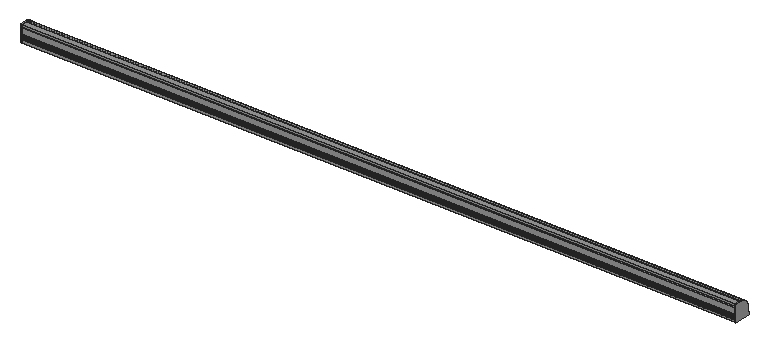
Revit family "3036975+3036945 Sylvania Lighting Fixture LUMISTRIP HO IP65 5M NW with L PROFILE ALU OPAL 1M", category Lighting Fixtures, host Face, Revit 2017
Family settings
  Host = Face
  Round Connector Dimension = Use Diameter
  Part Type = Normal
  OmniClass Number = 23.80.70.00
  OmniClass Title = Lighting
  Cut with Voids When Loaded = No
  Light Source = Yes
  Shared = No
  Room Calculation Point = No
Parameters (values of type "3036975+3036945 LUMISTRIP HO IP65 5M NW with L PROFILE ALU OPAL 1M")
  Weight = ""
  Wattage Comments = ""
  Wattage = 0 W
  WarrantyStartDate [instance] = "n/a"
  WarrantyGuarantorParts = "n/a"
  WarrantyDurationUnit = "n/a"
  WarrantyDurationParts = "n/a"
  WarrantyDescription = "n/a"
  built-in parameter 1150110 = 1 (stored number, unit not read)
  Voltage = 24 V
  URL = "http://www.sylvania-lighting.com"
  TypeName = "LUMISTRIP HO IP65 5M NW with L PROFILE ALU OPAL 1M"
  Type Image = <None>
  Type Comments = "n/a"
  built-in parameter 1114217 = 1 (stored number, unit not read)
  Tilt Angle = -90.00°
  built-in parameter 1150109 = 1 (stored number, unit not read)
  built-in parameter 1150134 = 12
  built-in parameter 1150113 = 1 (stored number, unit not read)
  SerialNumber [instance] = "n/a"
  RadiusDiffuserOut_SYL = 12.999 mm
  RadiusDiffuserIn_SYL = 11.999 mm
  Photometric Web File = "3036975.ies"
  Material_3_FEILO = none
  PowerFactor = 0
  PowerConsumption = ""
  NominalLength = 5000 mm
  NominalHeight = 4 mm
  NominalDepth = 14 mm
  Name = "LUMISTRIP HO IP65 5M NW with L PROFILE ALU OPAL 1M"
  ModelReference = Name  # "LUMISTRIP HO IP65 5M NW with L PROFILE ALU OPAL 1M"
  ModelNumber = "3036975+3036945"
  Model = Name  # "LUMISTRIP HO IP65 5M NW with L PROFILE ALU OPAL 1M"
  Material = "silicon housing, silicon diffuser"
  ManufacturerName = "Feilo Sylvania"
  Manufacturer = "Feilo Sylvania"
  LuminousEfficacy = "85.60 lm/W"
  built-in parameter 1150105 = (empty or 0)
  Lumens = 0 lm
  LuminaireType = ""
  built-in parameter 1150115 = 1 (stored number, unit not read)
  LightOutputRatio = "100"
  built-in parameter 1150137 = (empty or 0)
  built-in parameter 1150139 = (empty or 0)
  Length_SYL = 1000 mm
  LampsType = Lamp  # "LED"
  LampNominalLuminous = ""
  LampMacAdamStep = "n/a"
  LampColourTemperature = "4000 K"
  LampColourRenderingIndex = "80"
  built-in parameter 1150112 = 1 (stored number, unit not read)
  built-in parameter 1150114 = 1 (stored number, unit not read)
  Lamp = "LED"
  Keynote = "16500"
  InstallationDate [instance] = "n/a"
  InputVoltage = "24V DC"
  InputNominalFrequency = "n/a"
  built-in parameter 1150132 = (empty or 0)
  built-in parameter 1150102 = (empty or 0)
  built-in parameter 1150107 = 4000 (stored number, unit not read)
  built-in parameter 1150138 = (empty or 0)
  IngressProtection = "IP65"
  ImpactProtectionIndex = "n/a"
  built-in parameter 1150106 = (empty or 0)
  IfcExportType = "IfcLightFixtureType"
  IfcExportAs = "IfcLightFixtureType"
  ExpectedLife = 50000
  EndCapRight_SYL [instance] = yes
  EndCapLeft_SYL [instance] = yes
  built-in parameter 1150127 = 10 mm
  Emit from Rectangle Length = Length_SYL - 4 mm  # 996 mm
  Emit Shape Visible in Rendering = no
  ElectricShockClassification = "Class III"
  built-in parameter 1150104 = 7.9534 (stored number, unit not read)
  DurationUnit = "hours"
  DocumentationLiterature = "http://www.sylvania-lighting.com/product/en-int/products/3036975"
  DimmingControlOptions = "n/a"
  Material_2_FEILO = Diffuser-Sylvania-LumistipLprofile-Polycarbonate
  Dimming Lamp Color Temperature Shift = <None>
  Description = ""
  Default Elevation = 1219.2 mm
  CreatedOn = "6/22/2018"
  CreatedBy = ""
  Cost = 0
  Color Filter = 16777215
  built-in parameter 1114216 [instance] = (empty or 0)
  ClassificationValue = "EF_70_80"
  ClassificationName = "Uniclass2015"
  Material_1_FEILO = Body-Sylvania-LumistripLprofile-Aluminum
  BarCode [instance] = "n/a"
  built-in parameter 1114218 = 1 (stored number, unit not read)
  Emit from Rectangle Width = 3048 mm
  AssetType = "Fixed"
  AssetIdentifier [instance] = "n/a"
  Assembly Code = "D5020200"
  Apparent Load = 82 VA
  Material_4_FEILO = none
Reference planes
  plane 1 "Center (Front/Back)": y = 0
  plane 2: z = 0
  plane 3 "Center (Left/Right)": x = 0
  plane 4: y = 22.4
  plane 5: z = 22.4
  plane 6: z = 20.4
  plane 7: z = 17.9
  plane 8: z = 10.9
  plane 9: z = 9.4
  plane 10: z = 7.9
  plane 11: z = 6.4
  plane 12: z = 4.9
  plane 13: z = 3.4
  plane 14: y = 2
  plane 15: z = 2
  plane 16: y = 7.9
  plane 17: y = 4.8
  plane 18: y = 3.3
  plane 19: y = 6.3
  plane 20: y = 9.4
  plane 21: y = 10.9
  plane 22: y = 20.4
  plane 23: y = 17.9
  plane 24: x = 500
  plane 25: x = -500
  plane 26: x = -498.5
  plane 27: x = 498.5
Forms (mm)
  Extrusion 1, solid, material "Body-Sylvania-LumistripLprofile-Aluminum" <- "Material_1_FEILO"
    sketch origin (0, 0, 0) x (0, 1, 0) y (0, 0, 1)
      loop
        line (0, 22.399) -> (0, 20.4) -> (4.8, 20.4) -> (4.8, 17.9) -> (0, 17.9) -> (0, 10.9) -> (2, 10.9) -> (2, 9.4) -> (0, 9.4) -> (0, 7.9) -> (2, 7.9) -> (2, 6.4) -> (0, 6.4) -> (0, 4.9) -> (2, 4.9) -> (2, 3.4) -> (0, 3.4) -> (0, 0) -> (3.3, 0) -> (3.3, 2) -> (4.8, 2) -> (4.8, 0) -> (6.3, 0) -> (6.3, 2) -> (7.9, 2) -> (7.9, 0) -> (9.4, 0) -> (9.4, 2) -> (10.9, 2) -> (10.9, 0) -> (17.9, 0) -> (17.9, 4.9) -> (20.4, 4.9) -> (20.4, 0) -> (22.399, 0) -> (22.399, 9.4) -> (19.77, 9.4) -> (12.92, 2.55) -> (2.567, 12.903) -> (9.4, 19.736) -> (9.4, 22.399) -> (0, 22.399)
    from -498.5 to 498.5
  Extrusion 2, solid, material "Diffuser-Sylvania-LumistipLprofile-Polycarbonate" <- "Material_2_FEILO"
    sketch origin (0, 0, 0) x (0, 1, 0) y (0, 0, 1)
      loop
        line (9.4, 22.399) -> (9.4, 21.399)
        arc (9.4, 21.399) -> (17.884, 17.884) -> (21.399, 9.4) r 11.999
        line (21.399, 9.4) -> (22.399, 9.4)
        arc (22.399, 9.4) -> (18.591, 18.591) -> (9.4, 22.399) r 12.999
    from -498.5 to 498.5
  Extrusion 3, solid, material "Body-Sylvania-LumistripLprofile-Aluminum" <- "Material_1_FEILO", visible <- "EndCapLeft_SYL"
    sketch origin (200, -4572, 2609.058) x (0, 0, 1) y (0, -1, 0)
      loop
        line (-2609.058, -4572) -> (-2609.058, -4594.4) -> (-2599.658, -4594.399)
        arc (-2599.658, -4594.399) -> (-2590.467, -4590.591) -> (-2586.658, -4581.4) r 12.999
        line (-2586.658, -4581.4) -> (-2586.658, -4572) -> (-2609.058, -4572)
    from 300 to 298.5
  Extrusion 4, solid, material "Body-Sylvania-LumistripLprofile-Aluminum" <- "Material_1_FEILO", visible <- "EndCapRight_SYL"
    sketch origin (-500, -4572, 2609.058) x (0, 0, 1) y (0, -1, 0)
      loop
        line (-2586.659, -4581.402) -> (-2586.658, -4572) -> (-2609.058, -4572) -> (-2609.058, -4594.399) -> (-2599.658, -4594.399)
        arc (-2599.658, -4594.399) -> (-2590.467, -4590.592) -> (-2586.659, -4581.402) r 12.999
    from 0 to 1.5
Lines and regions (mm)
  reference lines
    curve 1: line (0, 0, 0) -> (0, 22.4, 22.4)
    curve 2: line (0, 0, 15.469) -> (0, 15.469, 0)
    curve 3: line (0, 12.92, 2.55) -> (0, 22.4, 12.03)
    curve 4: line (0, 2.567, 12.903) -> (0, 12.064, 22.4)
    curve 5: arc (0, 9.4, 22.399) -> (0, 18.591, 18.591) -> (0, 22.399, 9.4) r 12.999
    curve 6: arc (0, 21.399, 9.4) -> (0, 17.884, 17.884) -> (0, 9.4, 21.399) r 11.999
    curve 7: line (500, 13.907, 23.341) -> (500, 24.285, 12.963)
Dimensions and locks
  locked: plane 5 to plane 2 at 22.4
  locked: plane 1 "Center (Front/Back)" to plane 4 at 22.4
  locked: plane 6 to plane 5 at 2
  locked: plane 7 to plane 6 at 2.5
  locked: plane 8 to plane 7 at 7
  locked: plane 22 to plane 4 at 2
  locked: plane 23 to plane 22 at 2.5
  locked: plane 21 to plane 23 at 7
  locked: plane 9 to plane 8 at 1.5
  locked: plane 20 to plane 21 at 1.5
  locked: plane 10 to plane 9 at 1.5
  locked: plane 11 to plane 10 at 1.5
  locked: plane 12 to plane 11 at 1.5
  locked: plane 13 to plane 12 at 1.5
  locked: plane 16 to plane 20 at 1.5
  plane 19 to plane 16 = 1.6 mm
  locked: plane 17 to plane 19 at 1.5
  locked: plane 18 to plane 17 at 1.5
  locked: plane 1 "Center (Front/Back)" to plane 14 at 2
  locked: plane 15 to plane 2 at 2
  equal spacing: plane 24, plane 3 "Center (Left/Right)", plane 25
  "Length_SYL": plane 24 to plane 25
  equal spacing: plane 27, plane 3 "Center (Left/Right)", plane 26
  locked: plane 26 to plane 25 at 1.5
  locked: curve 7 to Extrusion 1 at 15.4
  "RadiusDiffuserIn_SYL": radius of curve 6
  "RadiusDiffuserOut_SYL": radius of curve 5
  locked: curve 1 to curve 2 (angle 90.00°)
  locked: curve 4 to curve 2 (angle 90.00°)
  locked: curve 2 to curve 3 (angle 90.00°)
  locked: curve 7 to curve 1 (angle 90.00°)
  aligned and locked: plane 2 to host face
  aligned and locked: level to host face
  aligned and locked: plane 6 to Extrusion 1 sketch curve
  aligned and locked: plane 7 to Extrusion 1 sketch curve
  aligned and locked: plane 17 to Extrusion 1 sketch curve  (x2)
  aligned and locked: plane 1 "Center (Front/Back)" to Extrusion 1 sketch curve  (x4)
  aligned and locked: plane 14 to Extrusion 1 sketch curve  (x3)
  aligned and locked: plane 8 to Extrusion 1 sketch curve
  aligned and locked: plane 9 to Extrusion 1 sketch curve
  aligned and locked: plane 10 to Extrusion 1 sketch curve
  aligned and locked: Extrusion 1 sketch curve to plane 11
  aligned and locked: plane 12 to Extrusion 1 sketch curve  (x2)
  aligned and locked: Extrusion 1 sketch curve to plane 13
  aligned and locked: Extrusion 1 sketch curve to host face
  aligned and locked: Extrusion 1 sketch curve to plane 18
  aligned and locked: Extrusion 1 sketch curve to plane 19
  aligned and locked: plane 15 to Extrusion 1 sketch curve  (x3)
  aligned and locked: plane 16 to Extrusion 1 sketch curve
  aligned and locked: Extrusion 1 sketch curve to level  (x2)
  aligned and locked: Extrusion 1 sketch curve to plane 20  (x2)
  aligned and locked: plane 21 to Extrusion 1 sketch curve
  aligned and locked: Extrusion 1 sketch curve to plane 23
  aligned and locked: plane 22 to Extrusion 1 sketch curve
  aligned and locked: plane 4 to curve 1
  aligned and locked: plane 5 to curve 1
  aligned and locked: plane 1 "Center (Front/Back)" to Extrusion 1
  aligned and locked: plane 2 to curve 1
  aligned and locked: plane 1 "Center (Front/Back)" to curve 2
  aligned and locked: plane 2 to curve 2
  aligned and locked: plane 5 to curve 4
  aligned and locked: plane 4 to curve 3
  aligned and locked: plane 20 to Extrusion 1 sketch curve
  aligned and locked: Extrusion 1 sketch curve to plane 9
  aligned and locked: Extrusion 1 sketch curve to curve 3
  aligned and locked: Extrusion 1 sketch curve to curve 2
  aligned and locked: Extrusion 1 sketch curve to curve 4
  aligned and locked: curve 5 to Extrusion 1
  aligned and locked: Extrusion 1 to curve 5
  aligned and locked: plane 20 to curve 5
  aligned and locked: plane 9 to curve 5
  aligned and locked: plane 20 to curve 6
  aligned and locked: plane 9 to curve 6
  aligned and locked: Extrusion 2 sketch curve to curve 5
  aligned and locked: Extrusion 2 sketch curve to curve 6
  aligned and locked: Extrusion 2 sketch curve to Extrusion 1  (x2)
  aligned and locked: Extrusion 1 to plane 26
  aligned and locked: Extrusion 2 to Extrusion 1
  aligned and locked: Extrusion 3 sketch curve to Extrusion 1  (x2)
  aligned and locked: plane 4 to Extrusion 3 sketch curve
  aligned and locked: plane 5 to Extrusion 3 sketch curve
  aligned and locked: plane 20 to Extrusion 3 sketch curve
  aligned and locked: plane 9 to Extrusion 3 sketch curve
  aligned and locked: Extrusion 3 sketch curve to Extrusion 2
  aligned and locked: plane 24 to Extrusion 3
  aligned and locked: Extrusion 4 sketch curve to Extrusion 3  (x3)
  aligned and locked: Extrusion 4 sketch curve to plane 5
  aligned and locked: Extrusion 4 to Extrusion 1
  aligned and locked: Extrusion 4 to plane 25
  aligned and locked: imposter light to curve 7
  aligned and locked: plane 3 "Center (Left/Right)" to imposter light
  aligned and locked: imposter light to curve 1
  aligned and locked: Extrusion 3 to Extrusion 2
  aligned and locked: Extrusion 1 to Extrusion 2
  aligned and locked: Extrusion 3 to plane 27
Automatic sketch dimensions
  host sketch curve to host sketch curve = 2438.4 mm  (x2)
  Extrusion 1 sketch curve to plane 1 "Center (Front/Back)" = 0 mm
  Extrusion 1 sketch curve to level = 0 mm  (x2)
  plane 4 to Extrusion 1 sketch curve = 0.001 mm
  plane 5 to Extrusion 1 sketch curve = 0.001 mm
  curve 7 to plane 8 = 2.063 mm
  curve 7 to plane 4 = 1.885 mm
Connectors
  electrical at (0, 0, 0), driven by "Apparent Load", driven by "PowerFactor", driven by "Voltage"
    settings: index 1, voltage 24 V, apparent load 82 VA, apparent load phase1 0 VA, apparent load phase2 0 VA, apparent load phase3 0 VA, power factor 0, load classification "Lighting", number of poles 1, system type 30, power factor state 1, is connector primary yes, connector utility no, sub classification motor no, connector description ""
